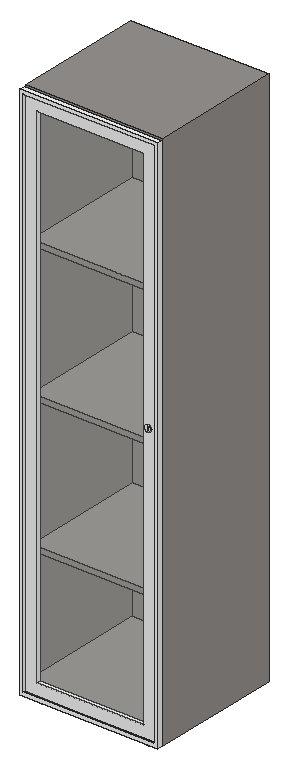
Revit family "Storage-Freestanding-Teknion-BFRG_Full_Glass_Door_Tower-R2015", category Furniture, Revit 2015
Parameters (values of type "18"w x 72"h")
  Warranty = "http://www.teknion.com/ca/papers/legal-canada"
  Wardrobe [instance] = not(Shelves)  # no
  Shelves [instance] = yes
  Unit Weight URL = "http://www.teknion.com/pricing/expansion-casegoods/pdfs/wv.pdf"
  URL = "http://www.teknion.com/"
  Top Shelf Height Offset [instance] = if(Height = 66.000", 14.906", 16.986")  # 16.986"
  Sustainability Data = "http://www.teknion.com/about-teknion/environment/datasheets.asp"
  Series = "Expansion Casegoods"  # constant formula
  Product Page URL = "http://www.teknion.com/ca/products/product-details?productlineid=0053336e-8e7a-673b-a6c8-ff00004460c4"
  Product Line = "Expansion Casegoods"  # constant formula
  Product Documentation Link = "http://www.teknion.com/pricing/expansion-casegoods/pdfs/BFRG_ppg.pdf"
  Part Number = "BFRG"  # constant formula
  Note [instance] = "Available Depths are 18 and 24 inches."  # constant formula
  Model = "BFRG__1872_"
  Middle Shelf Height Offset [instance] = if(Height = 66.000", 14.846", 16.927")  # 16.927"
  Manufacturer Phone = "416-661-3370"
  Manufacturer Fax = "416.661.4586"
  Manufacturer Contact Information = "http://www.teknion.com/ca/contactus"
  Manufacturer Address = "1150 Flint Road, Toronto, ON. M3J 2J5. Canada"
  Manufacturer = "Teknion"  # constant formula
  Lock Height Offset [instance] = if(Height = 72.000", 33.722", 29.561")  # 33.722"
  Height = 72.000"
  Glass Finish [instance] = Glass - Teknion - Clear
  Frame Finish [instance] = Mica - Teknion - V - Satin - Very White
  Description = "Freestanding Tower with Full Glass Door, 18\"w, 72\"h"
  Depth [instance] = 18.000"
  Case Finish [instance] = Source Laminate - Teknion - DE - Latte
  Assembly Code = "E2020200"
  Actual Height = if(Height = 66.000", 65.165", 71.406")  # 71.406"
  Actual Depth [instance] = if(Depth = 18.000", 17.161", 23.161")  # 17.161"
Types (2): name | Top Shelf Height Offset | Model | Middle Shelf Height Offset | Lock Height Offset | Height | Description | Actual Height
  18"w x 66"h | 14.906" | "BFRG__1866_" | 14.846" | 29.561" | 66.000" | "Freestanding Tower with Full Glass Door, 18\"w, 66\"h" | 65.165"
  18"w x 72"h | 16.986" | "BFRG__1872_" | 16.927" | 33.722" | 72.000" | "Freestanding Tower with Full Glass Door, 18\"w, 72\"h" | 71.406"
Reference planes (in)
  plane 1 "Center F/B": y = 0.37429
  plane 2: z = 0
  plane 3 "Center L/R": x = 0
  plane 4 "Left": x = -8.955
  plane 5 "Right": x = 8.955
  plane 6 "Back": y = 8.95479
  plane 7 "Front": y = -8.20621
  plane 8 "Top": z = 71.406
  plane 9: z = 35.703
  plane 10: y = -8.344
  plane 11: y = -9.04479
  plane 12: y = -8.92668
  plane 13: y = -8.80857
  plane 14: x = -8.25421
  plane 15: z = 2.49213
  plane 16: x = 8.25421
  plane 17: z = 70.70521
  plane 18: y = 8.254
  plane 19: z = 53.71921
  plane 20: z = 53.01843
  plane 21: z = 35.74196
  plane 22: z = 35.04117
  plane 23: z = 18.11417
  plane 24: z = 17.41339
Forms (in)
  Sweep 1, solid, material "Source Laminate - Teknion - DE - Latte" <- "Case Finish"
    path origin (0, 0.37429, 0) x (1, 0, 0) y (0, 0, 1)
      loop
        line (0, 0.60236) -> (0, 71.406)
    profile origin (0, 0.37429, 36.00418) x (-1, 0, 0) y (0, -1, 0)
      loop
        line (8.955, -8.5805) -> (8.955, 8.5805) -> (-8.955, 8.5805) -> (-8.955, -8.5805) -> (8.955, -8.5805)
  Sweep 2, solid, material "Metal - Teknion - C6 - Chrome"
    path origin (0, -9, 0) x (1, 0, 0) y (0, 0, 1)
      loop
        line (0, 0.60236) -> (0, 0)
    profile origin (0, -9, 0.30118) x (0, -1, 0) y (1, 0, 0)
      loop
        circle (-1.34556, -6.99292) r 0.5
      loop
        circle (-1.34556, 6.99292) r 0.5
      loop
        circle (-16.65862, -6.99292) r 0.5
      loop
        circle (-16.65862, 6.99292) r 0.5
  Extrusion 3, solid, material "Mica - Teknion - V - Satin - Very White" <- "Frame Finish"
    sketch origin (-8.955, -9.04479, 48) x (-1, 0, 0) y (0, 0, 1)
      loop
        line (-0.3937, -46.88583) -> (-0.3937, 22.89419) -> (-17.5163, 22.89419) -> (-17.5163, -46.88583) -> (-0.3937, -46.88583)
      loop
        line (0, -47.27953) -> (0, 23.28789) -> (-17.91, 23.28789) -> (-17.91, -47.27953) -> (0, -47.27953)
    from 0 to 0.70079
  Extrusion 4, solid, material "Glass - Teknion - Clear" <- "Glass Finish"
    sketch origin (-8.5613, -8.92668, 48) x (-1, 0, 0) y (0, 0, 1)
      loop
        line (0, 22.89419) -> (-17.1226, 22.89419) -> (-17.1226, -46.88583) -> (0, -46.88583) -> (0, 22.89419)
    from 0 to 0.11811
  Extrusion 5, solid, material "Mica - Teknion - V - Satin - Very White" <- "Frame Finish"
    sketch origin (-8.955, -8.344, 48) x (-1, 0, 0) y (0, 0, 1)
      loop
        line (-0.3937, 22.89419) -> (-17.5163, 22.89419) -> (-17.5163, -46.88583) -> (-0.3937, -46.88583) -> (-0.3937, 22.89419)
      loop
        line (-1.9685, 21.31939) -> (-15.9415, 21.31939) -> (-15.9415, -45.31102) -> (-1.9685, -45.31102) -> (-1.9685, 21.31939)
    from -0.46457 to 0
  Extrusion 6, void
    sketch origin (-8.955, -8.344, 48) x (1, 0, 0) y (0, 0, 1)
      loop
        line (0.70079, -45.50787) -> (17.20921, -45.50787) -> (17.20921, 22.70521) -> (0.70079, 22.70521) -> (0.70079, -45.50787)
    from -16.59801 to -0.1378
  Extrusion 7, solid, material "Source Laminate - Teknion - DE - Latte" <- "Case Finish"
    sketch origin (-8.955, -8.344, 48) x (-1, 0, 0) y (0, 0, 1)
      loop
        line (-17.20921, 5.71921) -> (-17.20921, 5.01843) -> (-0.70079, 5.01843) -> (-0.70079, 5.71921) -> (-17.20921, 5.71921)
    from 0.1378 to 16.59801
  Extrusion 8, solid, material "Source Laminate - Teknion - DE - Latte" <- "Case Finish", visible <- "Shelves"
    sketch origin (-8.955, -8.344, 32.10175) x (-1, 0, 0) y (0, 0, 1)
      loop
        line (-17.20921, 3.64021) -> (-17.20921, 2.93943) -> (-0.70079, 2.93943) -> (-0.70079, 3.64021) -> (-17.20921, 3.64021)
    from 0.1378 to 16.59801
  Extrusion 9, solid, material "Source Laminate - Teknion - DE - Latte" <- "Case Finish", visible <- "Shelves"
    sketch origin (-8.955, -8.344, 16.55496) x (-1, 0, 0) y (0, 0, 1)
      loop
        line (-17.20921, 1.55921) -> (-17.20921, 0.85843) -> (-0.70079, 0.85843) -> (-0.70079, 1.55921) -> (-17.20921, 1.55921)
    from 0.1378 to 16.59801
  Extrusion 10, solid, material "Mica - Teknion - V - Satin - Very White"
    sketch origin (-8.5613, -8.92668, 48) x (-1, 0, 0) y (0, 0, 1)
      loop
        line (-16.22693, -10.316) -> (-16.22693, -10.69002) -> (-16.1285, -10.69002) -> (-16.1285, -10.316) -> (-16.22693, -10.316)
      loop
        circle (-16.17772, -10.50301) r 0.4
    from 0 to -0.05906
Cuts and joins
  Extrusion 6 cuts Sweep 1
Lines and regions (in)
  Masking region 1
    outline origin (0, 0, 71.406) x (-1, 0, 0) y (0, -1, 0)
      loop
        line (8.955, -8.95479) -> (8.955, 8.20621) -> (-8.955, 8.20621) -> (-8.955, -8.95479) -> (8.955, -8.95479)
  Masking region 2
    outline origin (0, 0, 0) x (1, 0, 0) y (0, 1, 0)
      loop
        line (-8.955, -8.344) -> (-8.955, -9.04479) -> (8.955, -9.04479) -> (8.955, -8.344) -> (-8.955, -8.344)
  symbolic lines, style "FurnitureHiddenLines"
    curve 1: line (8.89594, 0.37429, 71.28789) -> (-8.89595, 0.37429, 35.703)
    curve 2: line (-8.89595, 0.37429, 35.703) -> (8.89594, 0.37429, 1.5748)
  symbolic lines, style "FurnitureHiddenLines", detail levels medium+fine
    curve 3: line (-8.5613, -9.04479, 0) -> (-8.5613, -8.344, 0)
    curve 8: line (8.5613, -8.344, 0) -> (8.5613, -9.04479, 0)
    curve 20: line (8.25421, 8.254, 0) -> (-8.25421, 8.254, 0)
    curve 21: line (8.25421, -8.20621, 0) -> (8.25421, 8.254, 0)
    curve 22: line (-8.25421, 8.254, 0) -> (-8.25421, -8.20621, 0)
  symbolic lines, style "FurnitureHiddenLines", detail levels fine
    curve 4: line (-8.5613, -8.80857, 0) -> (8.5613, -8.80857, 0)
    curve 5: line (-8.5613, -8.92668, 0) -> (8.5613, -8.92668, 0)
    curve 6: line (-6.9865, -8.80857, 0) -> (-6.9865, -8.344, 0)
    curve 7: line (6.9865, -8.344, 0) -> (6.9865, -8.80857, 0)
    curve 9: line (7.21642, -8.98574, 0) -> (8.01642, -8.98574, 0)
    curve 10: line (8.01642, -8.98574, 0) -> (8.01642, -8.92668, 0)
    curve 11: line (7.21642, -8.98574, 0) -> (7.21642, -8.92668, 0)
    curve 12: arc (-6.99292, -8.15444, 0) -> (-6.49292, -7.65444, 0) -> (-6.99292, -7.15444, 0) r 0.5
    curve 13: arc (-6.99292, -7.15444, 0) -> (-7.49292, -7.65444, 0) -> (-6.99292, -8.15444, 0) r 0.5
    curve 14: arc (6.99292, -8.15444, 0) -> (7.49292, -7.65444, 0) -> (6.99292, -7.15444, 0) r 0.5
    curve 15: arc (6.99292, -7.15444, 0) -> (6.49292, -7.65444, 0) -> (6.99292, -8.15444, 0) r 0.5
    curve 16: arc (6.99292, 7.15862, 0) -> (7.49292, 7.65862, 0) -> (6.99292, 8.15862, 0) r 0.5
    curve 17: arc (6.99292, 8.15862, 0) -> (6.49292, 7.65862, 0) -> (6.99292, 7.15862, 0) r 0.5
    curve 18: arc (-6.99292, 7.15862, 0) -> (-6.49292, 7.65862, 0) -> (-6.99292, 8.15862, 0) r 0.5
    curve 19: arc (-6.99292, 8.15862, 0) -> (-7.49292, 7.65862, 0) -> (-6.99292, 7.15862, 0) r 0.5
Dimensions and locks (in)
  equal spacing: plane 4 "Left", plane 3 "Center L/R", plane 5 "Right"
  locked: plane 4 "Left" to plane 5 "Right" at 17.91
  equal spacing: plane 6 "Back", plane 1 "Center F/B", plane 7 "Front"
  "Actual Height": plane 8 "Top" to plane 2
  locked: Sweep 1 sketch curve to plane 2 at 0.60236
  locked: plane 4 "Left" to Sweep 2 sketch curve at 1.96208  (x2)
  locked: plane 7 "Front" to Sweep 2 sketch curve at 0.55177  (x2)
  locked: Sweep 2 sketch curve to plane 2 at 0.60236
  equal spacing: plane 8 "Top", plane 9, plane 2
  locked: plane 6 "Back" to Sweep 2 sketch curve at 1.29617  (x2)
  locked: Sweep 2 sketch curve to plane 5 "Right" at 1.96208  (x2)
  locked: plane 7 "Front" to plane 10 at 0.1378
  locked: plane 10 to plane 11 at 0.70079
  locked: Extrusion 3 sketch curve to Extrusion 3 sketch curve at 0.3937
  locked: Extrusion 3 sketch curve to plane 4 "Left" at 0.3937
  locked: plane 5 "Right" to Extrusion 3 sketch curve at 0.3937
  Extrusion 3 sketch curve to Extrusion 3 sketch curve to plane 2 = 0.3937" locked, 0.72047" locked
  plane 13 to plane 12 to plane 11 = 0.11811" locked, 0.11811" locked
  locked: Extrusion 4 sketch curve to plane 2 at 1.11417
  locked: Extrusion 4 sketch curve to plane 4 "Left" at 0.3937
  locked: plane 5 "Right" to Extrusion 4 sketch curve at 0.3937
  locked: plane 8 "Top" to Extrusion 4 sketch curve at 0.51181
  plane 8 "Top" to Extrusion 5 sketch curve to Extrusion 5 sketch curve = 0.51181" locked, 1.5748" locked
  Extrusion 5 sketch curve to Extrusion 5 sketch curve to plane 4 "Left" = 1.5748" locked, 0.3937" locked
  plane 5 "Right" to Extrusion 5 sketch curve to Extrusion 5 sketch curve = 0.3937" locked, 1.5748" locked
  Extrusion 5 sketch curve to Extrusion 5 sketch curve to plane 2 = 1.5748" locked, 1.11417" locked
  locked: plane 8 "Top" to plane 17 at 0.70079
  locked: plane 14 to plane 4 "Left" at 0.70079
  locked: plane 16 to plane 5 "Right" at 0.70079
  locked: plane 15 to plane 2 at 2.49213
  locked: plane 6 "Back" to plane 18 at 0.70079
  locked: plane 19 to plane 20 at 0.70079
  locked: plane 21 to plane 22 at 0.70079
  "Middle Shelf Height Offset": plane 22 to plane 23
  locked: plane 23 to plane 24 at 0.70079
  locked: plane 24 to plane 15 at 14.92126
  "Top Shelf Height Offset": plane 17 to plane 19
  Extrusion 10 sketch curve to Extrusion 10 sketch curve to Extrusion 10 sketch curve = 0.18701", 0.18701"
  "Lock Height Offset": plane 8 "Top" to Extrusion 10 sketch curve
  locked: plane 12 to Extrusion 10 at 0.05906
  "Actual Depth": plane 6 "Back" to plane 7 "Front"
  curve 11 to curve 10 to plane 5 "Right" = 0.800" locked, 0.93858" locked
  locked: plane 8 "Top" to Extrusion 3 sketch curve at 0.11811
  aligned and locked: level to plane 2
  aligned and locked: Masking region 1 sketch curve to plane 5 "Right"
  aligned and locked: plane 4 "Left" to Masking region 1 sketch curve
  aligned and locked: plane 8 "Top" to Sweep 1 sketch curve
  aligned and locked: plane 3 "Center L/R" to Sweep 1 sketch curve
  aligned and locked: plane 4 "Left" to Sweep 1 sketch curve
  aligned and locked: Sweep 1 sketch curve to plane 5 "Right"
  aligned and locked: plane 2 to Sweep 2 sketch curve
  aligned and locked: nested 1 to plane 3 "Center L/R"
  aligned and locked: nested 1 to plane 7 "Front"
  aligned and locked: plane 9 to curve 2
  aligned and locked: Masking region 1 sketch curve to Sweep 1  (x2)
  aligned and locked: plane 4 "Left" to Extrusion 3 sketch curve
  aligned and locked: plane 10 to Extrusion 3
  aligned and locked: Extrusion 3 to plane 11
  aligned and locked: Extrusion 3 sketch curve to plane 5 "Right"
  aligned and locked: Extrusion 4 to plane 12
  aligned and locked: plane 13 to Extrusion 4
  aligned and locked: plane 10 to Extrusion 5
  aligned and locked: Extrusion 5 to plane 13
  aligned and locked: Extrusion 6 sketch curve to plane 15
  aligned and locked: Extrusion 6 sketch curve to plane 14
  aligned and locked: Extrusion 6 sketch curve to plane 17
  aligned and locked: Extrusion 6 sketch curve to plane 16
  aligned and locked: plane 18 to Extrusion 6
  aligned and locked: plane 7 "Front" to Extrusion 6
  aligned and locked: plane 19 to Extrusion 7 sketch curve
  aligned and locked: plane 20 to Extrusion 7 sketch curve
  aligned and locked: plane 14 to Extrusion 7 sketch curve
  aligned and locked: Extrusion 7 sketch curve to plane 16
  aligned and locked: plane 18 to Extrusion 7
  aligned and locked: Extrusion 8 to plane 21
  aligned and locked: plane 22 to Extrusion 8
  aligned and locked: Extrusion 9 to plane 23
  aligned and locked: plane 24 to Extrusion 9
  aligned and locked: Extrusion 9 to plane 14
  aligned and locked: Extrusion 9 to plane 16
  aligned and locked: Extrusion 8 to plane 14
  aligned and locked: Extrusion 8 to plane 16
  aligned and locked: Extrusion 10 to plane 12
  aligned and locked: Sweep 1 sketch curve to plane 6 "Back"
  aligned and locked: Sweep 1 sketch curve to plane 7 "Front"
  aligned and locked: plane 18 to Extrusion 8
  aligned and locked: plane 18 to Extrusion 9
  aligned and locked: Masking region 2 sketch curve to plane 4 "Left"
  aligned and locked: Masking region 2 sketch curve to plane 10
  aligned and locked: Masking region 2 sketch curve to plane 11
  aligned and locked: plane 5 "Right" to Masking region 2 sketch curve
  aligned and locked: curve 5 to Extrusion 4
  aligned and locked: curve 9 to Extrusion 10
  aligned and locked: curve 12 to Sweep 2
  aligned and locked: curve 13 to Sweep 2
  aligned and locked: curve 14 to Sweep 2
  aligned and locked: curve 15 to Sweep 2
  aligned and locked: curve 16 to Sweep 2
  aligned and locked: curve 17 to Sweep 2
  aligned and locked: curve 18 to Sweep 2
  aligned and locked: curve 19 to Sweep 2
  aligned and locked: plane 7 "Front" to Extrusion 7
  aligned and locked: plane 7 "Front" to Extrusion 8
  aligned and locked: plane 7 "Front" to Extrusion 9
Automatic sketch dimensions
  plane 4 "Left" to curve 1 = 0.05905"
  curve 2 to plane 5 "Right" = 0.05906"
  curve 1 to plane 5 "Right" = 0.05906"
  curve 2 to plane 15 = 0.91732"
  curve 1 to plane 8 "Top" = 0.11811"
  Sweep 2 sketch curve to plane 3 "Center L/R" = 0.000"
  Extrusion 8 sketch curve to plane 16 = 0.000"
  Extrusion 8 sketch curve to plane 14 = 0.000"
  plane 22 to Extrusion 8 sketch curve = 0.000"
  Extrusion 8 sketch curve to plane 21 = 0.000"
  Extrusion 9 sketch curve to plane 16 = 0.000"
  Extrusion 9 sketch curve to plane 14 = 0.000"
  plane 24 to Extrusion 9 sketch curve = 0.000"
  Extrusion 9 sketch curve to plane 23 = 0.000"
  plane 16 to Extrusion 10 sketch curve = 0.58858"
  Extrusion 10 sketch curve to Extrusion 10 sketch curve = 0.04921"
  Extrusion 10 sketch curve to Extrusion 10 sketch curve = 0.09843"
  curve 3 to plane 11 = 0.000"
  curve 8 to plane 11 = 0.000"
  curve 8 to plane 10 = 0.000"
  curve 3 to plane 10 = 0.000"
  curve 6 to plane 10 = 0.000"
  curve 7 to plane 10 = 0.000"
  plane 7 "Front" to curve 21 = 0.000"
  plane 7 "Front" to curve 22 = 0.000"
  curve 3 to plane 14 = 0.30709"
  curve 5 to plane 16 = 0.30709"
  curve 22 to plane 14 = 0.000"
  curve 20 to plane 16 = 0.000"
  curve 21 to plane 18 = 0.000"
  curve 6 to plane 13 = 0.000"
  curve 12 to curve 6 = 0.00643"
  curve 7 to curve 11 = 0.22992"
  radius of Sweep 2 sketch curve = 0.500"  (x4)
  radius of Extrusion 10 sketch curve = 0.400"
Nested families (in)
  nested 1: "Door-Swing_Symbol-Teknion-2D" at (0, -8.20621, 0) x (-1, 0, 0) z (0, 0, 1), type "Door-Swing_Symbol-Teknion-2D", detail levels fine
Definition of nested family "Door-Swing_Symbol-Teknion-2D"
  Parameters
    Swing Width = 26.000"
  Reference planes (in)
    plane 1 "Center (Front/Back)": y = 0
    plane 2: z = 0
    plane 3 "Center (Left/Right)": x = 0
    plane 4: x = -13
    plane 5: x = 13
  Lines and regions (in)
    detail lines, in view "Ref. Level"
      curve 1: line (13, 0, 0) -> (13, -26, 0)
      curve 2: arc (-13, 0, 0) -> (-5.38478, -18.38478, 0) -> (13, -26, 0) r 26
  Dimensions and locks (in)
    equal spacing: plane 4, plane 3 "Center (Left/Right)", plane 5
    "Swing Width": plane 4 to plane 5
    "Swing Width": curve 1 to plane 1 "Center (Front/Back)"
    "Swing Width": radius of curve 2
    aligned and locked: plane 1 "Center (Front/Back)" to curve 1
  Automatic sketch dimensions
    curve 2 to plane 4 = 0.000"
